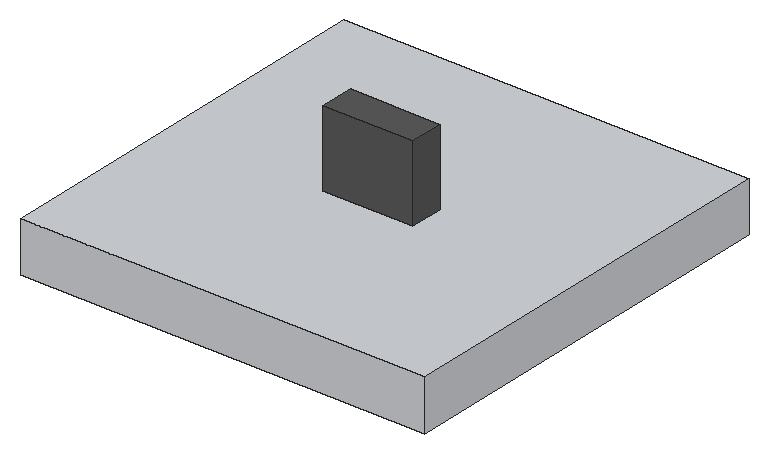
Revit family "r2018_videomax_videoserver_nastolnogo_ispolneniya", category Устройства связи, Revit 2018
Family settings
  Основа = Грань
  Сохранять ориентацию аннотаций = Да
  Размер круглого соединителя = Использовать диаметр
  Тип детали = Нормальный
  При загрузке вырезать с полостями = Нет
  Общий = Нет
  Точка расчета площади = Нет
Parameters (values of type "MIDI BIGTOWER")
  Указания по монтажу = "Для настольного размещения. Специальные монтажные аксессуары не требуются."
  Тип линейки = "Standart"
  Модель = ""
  Количество IP-камер, шт = 0
  Изображение типоразмера = Big Tower.png
  Right = videomax_midibigtower : Right
  Mini_300 [instance] = and(MINI TOWER, LOD 300)  # no
  Midi_300 [instance] = and(MIDI TOWER, LOD 300)  # no
  MidiBig_300 [instance] = and(MIDI BIGTOWER, LOD 300)  # yes
  Material = Черный
  MINI TOWER = no
  MIDI TOWER = no
  MIDI BIGTOWER = yes
  Стоимость = 0
  Default Elevation = 2600 mm
  Максимальное тепловыделение, BTU/h = Максимальная потребляемая мощность Вт * 3.412  # 0
  Максимальное количество подключаемых мониторов, шт = 0
  Максимальная потребляемая мощность Вт = 0
  Максимальная мощность БП, Вт = 0
  Количество интерфейсов Gigabit LAN, шт = 2
  Количество интерфейсов 10 Gigabit LAN, шт = 0
  Количество входов 230V, шт = 1
  Изготовитель = "ООО «Видеомакс»"  # constant formula
  Ширина = 205 mm
  Глубина = 540 mm
  Высота = 460 mm
  URL = "https://www.videomax-server.ru/"
  Left = videomax_midibigtower : Left
  LOD 500 [instance] = yes
  LOD 300 [instance] = yes
  Front = videomax_midibigtower : Front
  Back = videomax_midibigtower : Back
  ADSK_Этаж [instance] = ""
  ADSK_Ток = 0 A
  ADSK_Примечание [instance] = ""
  ADSK_Позиция [instance] = ""
  ADSK_Обозначение [instance] = "MIDI BIGTOWER"
  ADSK_Номинальная мощность = 0 VA
  ADSK_Напряжение = 230 V
  ADSK_Наименование [instance] = "Видеосервер настольного исполнения MIDI BIGTOWER"
  ADSK_Масса [instance] = 0
  ADSK_Марка [instance] = "VIDEOMAX-IP"  # constant formula
  ADSK_Коэффициент мощности = 0.96
  ADSK_Количество = 1  # constant formula
  ADSK_Код изделия [instance] = "ТУ 26.20.15-002-37165186-2020"  # constant formula
  ADSK_Классификация нагрузок = none
  ADSK_Завод-изготовитель [instance] = "ООО «Видеомакс»"  # constant formula
  ADSK_Единица измерения = "шт."  # constant formula
  ADSK_Версия семейства = "v2"  # constant formula
  ADSK_Версия Revit = "2018"  # constant formula
Reference planes
  plane 1 "По центру (Вперед/Назад)": y = 0
  plane 2: z = 0
  plane 3 "По центру (Влево/Вправо)": x = 0.038
  plane 4: z = 0
  plane 5: y = 102.5
  plane 6: x = -269.962
  plane 7: y = -102.5
  plane 8: x = 270.038
Forms (mm)
  Extrusion 1, solid
    sketch origin (-0.8, 20.8, 0) x (1, 0, 0) y (0, 1, 0)
      loop
        line (-1219.2, 1219.2) -> (-1219.2, -1219.2) -> (1219.2, -1219.2) -> (1219.2, 1219.2) -> (-1219.2, 1219.2)
    from 0 to -304.8
  Extrusion 2, solid, material "Черный" <- "Material", detail levels medium+fine
    sketch origin (-0.046, -3.103, 0) x (0, -1, 0) y (1, 0, 0)
      loop
        line (-105.603, -269.916) -> (99.397, -269.916) -> (99.397, 270.084) -> (-105.603, 270.084) -> (-105.603, -269.916)
    from 0 to 460
Lines and regions (mm)
  model lines, detail levels coarse
    curve 1: line (-269.962, 102.5, 0) -> (270.038, 102.5, 0)
    curve 2: line (270.038, 102.5, 0) -> (270.038, -102.5, 0)
    curve 3: line (270.038, -102.5, 0) -> (-269.962, -102.5, 0)
    curve 4: line (-269.962, -102.5, 0) -> (-269.962, 102.5, 0)
  model lines, visible <- "MIDI BIGTOWER", detail levels fine
    curve 5: line (-213.962, -150.532, 460) -> (-213.962, -355.532, 460)
    curve 6: line (-213.962, -150.532, 8.146) -> (-213.962, -150.532, 460)
    curve 7: line (-213.962, -355.532, 8.146) -> (-213.962, -150.532, 8.146)
    curve 8: line (-213.962, -355.532, 460) -> (-213.962, -355.532, 8.146)
    curve 9: line (-213.962, -160.874, 0) -> (-213.962, -185.744, 0)
    curve 10: line (-213.962, -160.874, 8.146) -> (-213.962, -160.874, 0)
    curve 11: line (-213.962, -185.744, 0) -> (-213.962, -185.744, 8.146)
    curve 12: line (-213.962, -321.246, 0) -> (-213.962, -346.117, 0)
    curve 13: line (-213.962, -321.246, 8.146) -> (-213.962, -321.246, 0)
    curve 14: line (-213.962, -346.117, 0) -> (-213.962, -346.117, 8.146)
    curve 15: line (-213.962, -178.532, 225.317) -> (-213.962, -327.532, 225.317)
    curve 16: line (-213.962, -178.532, 17.065) -> (-213.962, -178.532, 225.317)
    curve 17: line (-213.962, -327.532, 17.065) -> (-213.962, -178.532, 17.065)
    curve 18: line (-213.962, -327.532, 225.317) -> (-213.962, -327.532, 17.065)
    curve 19: line (-213.962, -284.895, 241.122) -> (-213.962, -178.532, 241.122)
    curve 20: line (-213.962, -284.895, 296.122) -> (-213.962, -284.895, 241.122)
    curve 21: line (-213.962, -178.532, 296.122) -> (-213.962, -284.895, 296.122)
    curve 22: line (-213.962, -178.532, 241.122) -> (-213.962, -178.532, 296.122)
    curve 23: line (-213.962, -327.532, 311.032) -> (-213.962, -178.532, 311.032)
    curve 24: line (-213.962, -327.532, 439.701) -> (-213.962, -327.532, 311.032)
    curve 25: line (-213.962, -178.532, 439.701) -> (-213.962, -327.532, 439.701)
    curve 26: line (-213.962, -178.532, 311.032) -> (-213.962, -178.532, 439.701)
    curve 27: line (-213.962, -178.532, 268.622) -> (-213.962, -284.895, 268.622)
    curve 28: line (-213.962, -178.532, 353.91) -> (-213.962, -327.532, 353.91)
    curve 29: line (-213.962, -178.532, 396.911) -> (-213.962, -327.532, 396.911)
    curve 30: line (204.038, -355.576, 460) -> (204.038, -150.576, 460)
    curve 31: line (204.038, -355.576, 8.146) -> (204.038, -355.576, 460)
    curve 32: line (204.038, -150.576, 8.146) -> (204.038, -355.576, 8.146)
    curve 33: line (204.038, -150.576, 460) -> (204.038, -150.576, 8.146)
    curve 34: line (204.038, -161.042, 0) -> (204.038, -185.913, 0)
    curve 35: line (204.038, -161.042, 8.146) -> (204.038, -161.042, 0)
    curve 36: line (204.038, -185.913, 0) -> (204.038, -185.913, 8.146)
    curve 37: line (204.038, -321.415, 0) -> (204.038, -346.286, 0)
    curve 38: line (204.038, -321.415, 8.146) -> (204.038, -321.415, 0)
    curve 39: line (204.038, -346.286, 0) -> (204.038, -346.286, 8.146)
    curve 40: line (204.038, -150.576, 451.854) -> (204.038, -355.576, 451.854)
    curve 41: line (204.038, -347.43, 8.146) -> (204.038, -347.43, 451.854)
    curve 42: line (204.038, -303.43, 315.384) -> (204.038, -347.43, 315.384)
    curve 43: line (204.038, -303.43, 315.384) -> (204.038, -303.43, 161.384)
    curve 44: line (204.038, -242.184, 161.384) -> (204.038, -347.43, 161.384)
    curve 45: line (204.038, -242.184, 161.384) -> (204.038, -242.184, 11.384)
    curve 46: line (204.038, -242.184, 11.384) -> (204.038, -347.43, 11.384)
    curve 47: line (204.038, -342.92, 146.061) -> (204.038, -242.184, 146.061)
    curve 48: line (204.038, -342.92, 158.763) -> (204.038, -342.92, 146.061)
    curve 49: line (204.038, -242.184, 158.763) -> (204.038, -342.92, 158.763)
    curve 50: line (204.038, -342.92, 126.54) -> (204.038, -242.184, 126.54)
    curve 51: line (204.038, -342.92, 140.734) -> (204.038, -342.92, 126.54)
    curve 52: line (204.038, -242.184, 140.734) -> (204.038, -342.92, 140.734)
    curve 53: line (204.038, -242.184, 126.54) -> (204.038, -242.184, 140.734)
    curve 54: line (204.038, -342.92, 107.777) -> (204.038, -242.184, 107.777)
    curve 55: line (204.038, -342.92, 121.971) -> (204.038, -342.92, 107.777)
    curve 56: line (204.038, -242.184, 121.971) -> (204.038, -342.92, 121.971)
    curve 57: line (204.038, -242.184, 107.777) -> (204.038, -242.184, 121.971)
    curve 58: line (204.038, -342.92, 89.027) -> (204.038, -242.184, 89.027)
    curve 59: line (204.038, -342.92, 103.221) -> (204.038, -342.92, 89.027)
    curve 60: line (204.038, -242.184, 103.221) -> (204.038, -342.92, 103.221)
    curve 61: line (204.038, -242.184, 89.027) -> (204.038, -242.184, 103.221)
    curve 62: line (204.038, -342.92, 70.277) -> (204.038, -242.184, 70.277)
    curve 63: line (204.038, -342.92, 84.471) -> (204.038, -342.92, 70.277)
    curve 64: line (204.038, -242.184, 84.471) -> (204.038, -342.92, 84.471)
    curve 65: line (204.038, -242.184, 70.277) -> (204.038, -242.184, 84.471)
    curve 66: line (204.038, -342.92, 51.527) -> (204.038, -242.184, 51.527)
    curve 67: line (204.038, -342.92, 65.721) -> (204.038, -342.92, 51.527)
    curve 68: line (204.038, -242.184, 65.721) -> (204.038, -342.92, 65.721)
    curve 69: line (204.038, -242.184, 51.527) -> (204.038, -242.184, 65.721)
    curve 70: line (204.038, -342.92, 32.777) -> (204.038, -242.184, 32.777)
    curve 71: line (204.038, -342.92, 46.971) -> (204.038, -342.92, 32.777)
    curve 72: line (204.038, -242.184, 46.971) -> (204.038, -342.92, 46.971)
    curve 73: line (204.038, -242.184, 32.777) -> (204.038, -242.184, 46.971)
    curve 74: line (204.038, -342.92, 14.027) -> (204.038, -242.184, 14.027)
    curve 75: line (204.038, -342.92, 28.221) -> (204.038, -342.92, 14.027)
    curve 76: line (204.038, -242.184, 28.221) -> (204.038, -342.92, 28.221)
    curve 77: line (204.038, -242.184, 14.027) -> (204.038, -242.184, 28.221)
    curve 78: line (204.038, -158.722, 451.854) -> (204.038, -158.722, 8.146)
    curve 79: line (204.038, -328.204, 322.429) -> (204.038, -221.948, 322.429)
    curve 80: line (204.038, -221.948, 322.429) -> (204.038, -203.722, 342.108)
    curve 81: line (204.038, -203.722, 342.108) -> (204.038, -203.722, 388.751)
    curve 82: line (204.038, -203.722, 388.751) -> (204.038, -215.858, 401.854)
    curve 83: line (204.038, -215.858, 401.854) -> (204.038, -334.294, 401.854)
    curve 84: line (204.038, -334.294, 401.854) -> (204.038, -347.43, 387.672)
    curve 85: line (204.038, -328.204, 322.429) -> (204.038, -347.43, 343.187)
    curve 86: line (204.038, -347.43, 387.672) -> (204.038, -347.43, 343.187)
    curve 87: line (204.038, -326.225, 382.889) -> (204.038, -307.492, 382.889)
    curve 88: arc (204.038, -307.492, 382.889) -> (204.038, -305.696, 382.145) -> (204.038, -304.952, 380.349) r 2.54
    curve 89: line (204.038, -304.952, 380.349) -> (204.038, -304.952, 350.398)
    curve 90: arc (204.038, -304.952, 350.398) -> (204.038, -305.696, 348.602) -> (204.038, -307.492, 347.858) r 2.54
    curve 91: line (204.038, -307.492, 347.858) -> (204.038, -326.225, 347.858)
    curve 92: arc (204.038, -326.225, 347.858) -> (204.038, -328.021, 348.602) -> (204.038, -328.765, 350.398) r 2.54
    curve 93: line (204.038, -328.765, 350.398) -> (204.038, -328.765, 380.349)
    curve 94: arc (204.038, -328.765, 380.349) -> (204.038, -328.021, 382.145) -> (204.038, -326.225, 382.889) r 2.54
Dimensions and locks
  equal spacing: plane 8, plane 3 "По центру (Влево/Вправо)", plane 6
  "Глубина": plane 8 to plane 6
  equal spacing: plane 5, plane 1 "По центру (Вперед/Назад)", plane 7
  "Ширина": plane 5 to plane 7
  "Высота": Extrusion 2 to Extrusion 2
  aligned and locked: plane 2 to Extrusion 1
  aligned and locked: level to Extrusion 1
  aligned and locked: plane 5 to Extrusion 2  (x2)
  aligned and locked: plane 7 to Extrusion 2  (x2)
  aligned and locked: plane 8 to Extrusion 2  (x2)
  aligned and locked: plane 6 to Extrusion 2  (x2)
  aligned and locked: plane 1 "По центру (Вперед/Назад)" to nested 1
  aligned and locked: nested 2 to plane 1 "По центру (Вперед/Назад)"
  aligned and locked: nested 4 to plane 3 "По центру (Влево/Вправо)"
  aligned and locked: plane 3 "По центру (Влево/Вправо)" to nested 3
Automatic sketch dimensions
  Extrusion 1 sketch curve to Extrusion 1 sketch curve = 2438.4 mm  (x2)
  plane 5 to Extrusion 2 sketch curve = 0 mm
  Extrusion 2 sketch curve to plane 7 = 0 mm
  Extrusion 2 sketch curve to plane 6 = 0 mm
  Extrusion 2 sketch curve to plane 8 = 0 mm
  curve 3 to curve 3 = 540 mm
  curve 2 to curve 2 = 205 mm
  plane 5 to curve 4 = 0 mm
  curve 4 to plane 6 = 0 mm
  curve 2 to plane 7 = 0 mm
  curve 1 to plane 8 = 0 mm
Nested families
  nested 1: "videomax_midibigtower" at (-269.962, 0, 0) x (0, -1, 0) z (-1, 0, 0), LOD500 <- "LOD 500", a setting <- "Front", type "Front"
    with Left_500 no, LOD500 yes, Front_500 yes, Back_500 no
  nested 2: "videomax_midibigtower" at (270.038, 0, 0) x (0, 1, 0) z (1, 0, 0), LOD500 <- "LOD 500", a setting <- "Back", type "Back"
    with Left_500 no, LOD500 yes, Front_500 no, Back_500 yes
  nested 3: "videomax_midibigtower" at (0.038, 102.5, 0) x (-1, 0, 0) z (0, 1, 0), LOD500 <- "LOD 500", a setting <- "Left", type "Left"
    with Left_500 yes, LOD500 yes, Front_500 no, Back_500 no
  nested 4: "videomax_midibigtower" at (0.038, -102.5, 0) x (1, 0, 0) z (0, -1, 0), LOD500 <- "LOD 500", a setting <- "Right", type "Right"
    with Left_500 no, LOD500 yes, Front_500 no, Back_500 no
Connectors
  electrical at (-0.496, -2.303, 0), driven by "ADSK_Напряжение", driven by "ADSK_Коэффициент мощности", driven by "ADSK_Номинальная мощность"
    settings: on Extrusion 1, index 1, voltage 230 V, apparent load 0 VA, apparent load phase1 0 VA, apparent load phase2 0 VA, apparent load phase3 0 VA, power factor 0.96, load classification "Прочее", number of poles 1, system type 30, power factor state 0, is connector primary yes, connector utility yes, sub classification motor no, connector description ""
Definition of nested family "videomax_midibigtower"
  Parameters (values of type "Right")
    Default Elevation = 1219.2 mm
    Right = yes
    Left_500 [instance] = and(Left, LOD500)  # no
    Left = no
    LOD500 [instance] = yes
    Front_500 [instance] = and(Front, LOD500)  # no
    Front = no
    Back_500 [instance] = and(Back, LOD500)  # no
    Back = no
  Types (4, lengths in mm): name | Right | Left_500 | Left | Front_500 | Front | Back_500 | Back
    Front | no | no | no | yes | yes | no | no
    Back | no | no | no | no | no | yes | yes
    Left | no | yes | yes | no | no | no | no
    Right | yes | no | no | no | no | no | no
  Reference planes
    plane 1 "По центру (Вперед/Назад)": y = 0
    plane 2: z = 0
    plane 3 "По центру (Влево/Вправо)": x = 0
    plane 4: y = 460
    plane 5: x = -102.5
    plane 6: x = 102.5
    plane 7: x = -270
    plane 8: x = 270
  Lines and regions (mm)
    model lines, visible <- "Left_500", detail levels fine
      curve 1: circle (-210.875, 300.219, 0) r 4.572 normal (0, 0, 1)
      curve 2: circle (-103.14, 300.219, 0) r 4.572 normal (0, 0, 1)
      curve 3: circle (-103.14, 192.504, 0) r 4.572 normal (0, 0, 1)
      curve 4: circle (-210.875, 192.714, 0) r 4.572 normal (0, 0, 1)
      curve 5: arc (-196.515, 282.995, 0) -> (-210.881, 246.374, 0) -> (-196.515, 209.754, 0) r 53.857
      curve 6: arc (-190.544, 215.725, 0) -> (-202.442, 246.374, 0) -> (-190.544, 277.024, 0) r 45.427
      curve 7: arc (-178.835, 265.315, 0) -> (-184.083, 256.484, 0) -> (-185.909, 246.374, 0) r 28.894
      curve 8: arc (-185.909, 246.374, 0) -> (-184.083, 236.265, 0) -> (-178.835, 227.434, 0) r 28.894
      curve 9: arc (-174.248, 232.022, 0) -> (-178.103, 238.742, 0) -> (-179.442, 246.374, 0) r 22.427
      curve 10: arc (-179.442, 246.374, 0) -> (-178.103, 254.006, 0) -> (-174.247, 260.727, 0) r 22.427
      curve 11: arc (-187.458, 273.938, 0) -> (-195.334, 261.144, 0) -> (-198.082, 246.374, 0) r 41.067
      curve 12: arc (-198.082, 246.374, 0) -> (-195.334, 231.604, 0) -> (-187.458, 218.811, 0) r 41.067
      curve 13: arc (-181.482, 224.787, 0) -> (-187.535, 234.835, 0) -> (-189.644, 246.374, 0) r 32.629
      curve 14: arc (-189.644, 246.374, 0) -> (-187.535, 257.914, 0) -> (-181.482, 267.962, 0) r 32.629
      curve 15: arc (-117.515, 282.995, 0) -> (-103.149, 246.374, 0) -> (-117.515, 209.754, 0) r 53.857
      curve 16: arc (-123.486, 215.725, 0) -> (-111.588, 246.374, 0) -> (-123.486, 277.024, 0) r 45.427
      curve 17: arc (-135.194, 265.315, 0) -> (-129.947, 256.484, 0) -> (-128.121, 246.374, 0) r 28.894
      curve 18: arc (-128.121, 246.374, 0) -> (-129.947, 236.265, 0) -> (-135.194, 227.434, 0) r 28.894
      curve 19: arc (-139.782, 232.022, 0) -> (-135.926, 238.742, 0) -> (-134.588, 246.374, 0) r 22.427
      curve 20: arc (-134.588, 246.374, 0) -> (-135.926, 254.006, 0) -> (-139.782, 260.727, 0) r 22.427
      curve 21: arc (-126.572, 273.938, 0) -> (-118.696, 261.144, 0) -> (-115.948, 246.374, 0) r 41.067
      curve 22: arc (-115.948, 246.374, 0) -> (-118.695, 231.604, 0) -> (-126.572, 218.811, 0) r 41.067
      curve 23: arc (-132.548, 224.787, 0) -> (-126.495, 234.835, 0) -> (-124.386, 246.374, 0) r 32.629
      curve 24: arc (-124.386, 246.374, 0) -> (-126.495, 257.914, 0) -> (-132.548, 267.962, 0) r 32.629
      curve 25: arc (-120.395, 206.874, 0) -> (-157.015, 192.508, 0) -> (-193.635, 206.874, 0) r 53.857
      curve 26: arc (-187.664, 212.845, 0) -> (-157.015, 200.947, 0) -> (-126.365, 212.845, 0) r 45.427
      curve 27: arc (-138.074, 224.554, 0) -> (-146.906, 219.306, 0) -> (-157.015, 217.48, 0) r 28.894
      curve 28: arc (-157.015, 217.48, 0) -> (-167.124, 219.306, 0) -> (-175.955, 224.554, 0) r 28.894
      curve 29: arc (-171.367, 229.142, 0) -> (-164.647, 225.286, 0) -> (-157.015, 223.947, 0) r 22.427
      curve 30: arc (-157.015, 223.947, 0) -> (-149.383, 225.286, 0) -> (-142.662, 229.142, 0) r 22.427
      curve 31: arc (-129.451, 215.931, 0) -> (-142.245, 208.055, 0) -> (-157.015, 205.307, 0) r 41.067
      curve 32: arc (-157.015, 205.307, 0) -> (-171.785, 208.055, 0) -> (-184.578, 215.931, 0) r 41.067
      curve 33: arc (-178.602, 221.907, 0) -> (-168.554, 215.854, 0) -> (-157.015, 213.745, 0) r 32.629
      curve 34: arc (-157.015, 213.745, 0) -> (-145.475, 215.854, 0) -> (-135.428, 221.907, 0) r 32.629
      curve 35: arc (-120.395, 285.874, 0) -> (-157.015, 300.24, 0) -> (-193.635, 285.874, 0) r 53.857
      curve 36: arc (-187.664, 279.904, 0) -> (-157.015, 291.801, 0) -> (-126.365, 279.903, 0) r 45.427
      curve 37: arc (-138.074, 268.195, 0) -> (-146.906, 273.442, 0) -> (-157.015, 275.269, 0) r 28.894
      curve 38: arc (-157.015, 275.269, 0) -> (-167.124, 273.442, 0) -> (-175.955, 268.195, 0) r 28.894
      curve 39: arc (-171.367, 263.607, 0) -> (-164.647, 267.463, 0) -> (-157.015, 268.801, 0) r 22.427
      curve 40: arc (-157.015, 268.801, 0) -> (-149.383, 267.463, 0) -> (-142.662, 263.607, 0) r 22.427
      curve 41: arc (-129.451, 276.817, 0) -> (-142.245, 284.694, 0) -> (-157.015, 287.442, 0) r 41.067
      curve 42: arc (-157.015, 287.442, 0) -> (-171.785, 284.694, 0) -> (-184.578, 276.817, 0) r 41.067
      curve 43: arc (-178.602, 270.841, 0) -> (-168.554, 276.895, 0) -> (-157.015, 279.003, 0) r 32.629
      curve 44: arc (-157.015, 279.003, 0) -> (-145.475, 276.894, 0) -> (-135.428, 270.841, 0) r 32.629
      curve 355: circle (-210.875, 157.833, 0) r 4.572 normal (0, 0, 1)
      curve 356: circle (-103.14, 157.833, 0) r 4.572 normal (0, 0, 1)
      curve 357: circle (-103.14, 50.118, 0) r 4.572 normal (0, 0, 1)
      curve 358: circle (-210.875, 50.328, 0) r 4.572 normal (0, 0, 1)
      curve 359: arc (-196.515, 140.608, 0) -> (-210.881, 103.988, 0) -> (-196.515, 67.368, 0) r 53.857
      curve 360: arc (-190.544, 73.339, 0) -> (-202.442, 103.988, 0) -> (-190.544, 134.638, 0) r 45.427
      curve 361: arc (-178.835, 122.929, 0) -> (-184.083, 114.097, 0) -> (-185.909, 103.988, 0) r 28.894
      curve 362: arc (-185.909, 103.988, 0) -> (-184.083, 93.879, 0) -> (-178.835, 85.048, 0) r 28.894
      curve 363: arc (-174.248, 89.635, 0) -> (-178.103, 96.356, 0) -> (-179.442, 103.988, 0) r 22.427
      curve 364: arc (-179.442, 103.988, 0) -> (-178.103, 111.62, 0) -> (-174.247, 118.341, 0) r 22.427
      curve 365: arc (-187.458, 131.552, 0) -> (-195.334, 118.758, 0) -> (-198.082, 103.988, 0) r 41.067
      curve 366: arc (-198.082, 103.988, 0) -> (-195.334, 89.218, 0) -> (-187.458, 76.425, 0) r 41.067
      curve 367: arc (-181.482, 82.401, 0) -> (-187.535, 92.449, 0) -> (-189.644, 103.988, 0) r 32.629
      curve 368: arc (-189.644, 103.988, 0) -> (-187.535, 115.527, 0) -> (-181.482, 125.575, 0) r 32.629
      curve 369: arc (-117.515, 140.608, 0) -> (-103.149, 103.988, 0) -> (-117.515, 67.368, 0) r 53.857
      curve 370: arc (-123.486, 73.339, 0) -> (-111.588, 103.988, 0) -> (-123.486, 134.638, 0) r 45.427
      curve 371: arc (-135.194, 122.929, 0) -> (-129.947, 114.097, 0) -> (-128.121, 103.988, 0) r 28.894
      curve 372: arc (-128.121, 103.988, 0) -> (-129.947, 93.879, 0) -> (-135.194, 85.048, 0) r 28.894
      curve 373: arc (-139.782, 89.635, 0) -> (-135.926, 96.356, 0) -> (-134.588, 103.988, 0) r 22.427
      curve 374: arc (-134.588, 103.988, 0) -> (-135.926, 111.62, 0) -> (-139.782, 118.341, 0) r 22.427
      curve 375: arc (-126.572, 131.552, 0) -> (-118.696, 118.758, 0) -> (-115.948, 103.988, 0) r 41.067
      curve 376: arc (-115.948, 103.988, 0) -> (-118.695, 89.218, 0) -> (-126.572, 76.425, 0) r 41.067
      curve 377: arc (-132.548, 82.401, 0) -> (-126.495, 92.449, 0) -> (-124.386, 103.988, 0) r 32.629
      curve 378: arc (-124.386, 103.988, 0) -> (-126.495, 115.527, 0) -> (-132.548, 125.575, 0) r 32.629
      curve 379: arc (-120.395, 64.488, 0) -> (-157.015, 50.122, 0) -> (-193.635, 64.488, 0) r 53.857
      curve 380: arc (-187.664, 70.459, 0) -> (-157.015, 58.561, 0) -> (-126.365, 70.459, 0) r 45.427
      curve 381: arc (-138.074, 82.168, 0) -> (-146.906, 76.92, 0) -> (-157.015, 75.094, 0) r 28.894
      curve 382: arc (-157.015, 75.094, 0) -> (-167.124, 76.92, 0) -> (-175.955, 82.168, 0) r 28.894
      curve 383: arc (-171.367, 86.755, 0) -> (-164.647, 82.9, 0) -> (-157.015, 81.561, 0) r 22.427
      curve 384: arc (-157.015, 81.561, 0) -> (-149.383, 82.9, 0) -> (-142.662, 86.756, 0) r 22.427
      curve 385: arc (-129.451, 73.545, 0) -> (-142.245, 65.669, 0) -> (-157.015, 62.921, 0) r 41.067
      curve 386: arc (-157.015, 62.921, 0) -> (-171.785, 65.669, 0) -> (-184.578, 73.545, 0) r 41.067
      curve 387: arc (-178.602, 79.521, 0) -> (-168.554, 73.468, 0) -> (-157.015, 71.359, 0) r 32.629
      curve 388: arc (-157.015, 71.359, 0) -> (-145.475, 73.468, 0) -> (-135.428, 79.521, 0) r 32.629
      curve 389: arc (-120.395, 143.488, 0) -> (-157.015, 157.854, 0) -> (-193.635, 143.488, 0) r 53.857
      curve 390: arc (-187.664, 137.517, 0) -> (-157.015, 149.415, 0) -> (-126.365, 137.517, 0) r 45.427
      curve 391: arc (-138.074, 125.808, 0) -> (-146.906, 131.056, 0) -> (-157.015, 132.882, 0) r 28.894
      curve 392: arc (-157.015, 132.882, 0) -> (-167.124, 131.056, 0) -> (-175.955, 125.809, 0) r 28.894
      curve 393: arc (-171.367, 121.221, 0) -> (-164.647, 125.076, 0) -> (-157.015, 126.415, 0) r 22.427
      curve 394: arc (-157.015, 126.415, 0) -> (-149.383, 125.076, 0) -> (-142.662, 121.221, 0) r 22.427
      curve 395: arc (-129.451, 134.431, 0) -> (-142.245, 142.307, 0) -> (-157.015, 145.055, 0) r 41.067
      curve 396: arc (-157.015, 145.055, 0) -> (-171.785, 142.307, 0) -> (-184.578, 134.431, 0) r 41.067
      curve 397: arc (-178.602, 128.455, 0) -> (-168.554, 134.508, 0) -> (-157.015, 136.617, 0) r 32.629
      curve 398: arc (-157.015, 136.617, 0) -> (-145.475, 134.508, 0) -> (-135.428, 128.455, 0) r 32.629
      curve 462: line (-216.812, 186.373, 0) -> (-96.812, 186.373, 0)
      curve 463: line (-96.812, 186.373, 0) -> (-96.812, 306.373, 0)
      curve 464: line (-96.812, 306.373, 0) -> (-216.812, 306.373, 0)
      curve 465: line (-216.812, 306.373, 0) -> (-216.812, 186.373, 0)
      curve 466: line (-190.544, 277.024, 0) -> (-196.515, 282.995, 0)
      curve 467: line (-196.515, 209.754, 0) -> (-190.544, 215.725, 0)
      curve 468: line (-174.247, 260.727, 0) -> (-178.835, 265.315, 0)
      curve 469: line (-178.835, 227.434, 0) -> (-174.248, 232.022, 0)
      curve 470: line (-181.482, 267.962, 0) -> (-187.458, 273.938, 0)
      curve 471: line (-187.458, 218.811, 0) -> (-181.482, 224.787, 0)
      curve 472: line (-123.486, 277.024, 0) -> (-117.515, 282.995, 0)
      curve 473: line (-117.515, 209.754, 0) -> (-123.486, 215.725, 0)
      curve 474: line (-139.782, 260.727, 0) -> (-135.194, 265.315, 0)
      curve 475: line (-135.194, 227.434, 0) -> (-139.782, 232.022, 0)
      curve 476: line (-132.548, 267.962, 0) -> (-126.572, 273.938, 0)
      curve 477: line (-126.572, 218.811, 0) -> (-132.548, 224.787, 0)
      curve 478: line (-126.365, 212.845, 0) -> (-120.395, 206.874, 0)
      curve 479: line (-193.635, 206.874, 0) -> (-187.664, 212.845, 0)
      curve 480: line (-142.662, 229.142, 0) -> (-138.074, 224.554, 0)
      curve 481: line (-175.955, 224.554, 0) -> (-171.367, 229.142, 0)
      curve 482: line (-135.428, 221.907, 0) -> (-129.451, 215.931, 0)
      curve 483: line (-184.578, 215.931, 0) -> (-178.602, 221.907, 0)
      curve 484: line (-126.365, 279.903, 0) -> (-120.395, 285.874, 0)
      curve 485: line (-193.635, 285.874, 0) -> (-187.664, 279.904, 0)
      curve 486: line (-142.662, 263.607, 0) -> (-138.074, 268.195, 0)
      curve 487: line (-175.955, 268.195, 0) -> (-171.367, 263.607, 0)
      curve 488: line (-135.428, 270.841, 0) -> (-129.451, 276.817, 0)
      curve 489: line (-184.578, 276.817, 0) -> (-178.602, 270.841, 0)
      curve 767: line (-216.812, 43.986, 0) -> (-96.812, 43.986, 0)
      curve 768: line (-96.812, 43.986, 0) -> (-96.812, 163.987, 0)
      curve 769: line (-96.812, 163.987, 0) -> (-216.812, 163.987, 0)
      curve 770: line (-216.812, 163.987, 0) -> (-216.812, 43.986, 0)
      curve 771: line (-190.544, 134.638, 0) -> (-196.515, 140.608, 0)
      curve 772: line (-196.515, 67.368, 0) -> (-190.544, 73.339, 0)
      curve 773: line (-174.247, 118.341, 0) -> (-178.835, 122.929, 0)
      curve 774: line (-178.835, 85.048, 0) -> (-174.248, 89.635, 0)
      curve 775: line (-181.482, 125.575, 0) -> (-187.458, 131.552, 0)
      curve 776: line (-187.458, 76.425, 0) -> (-181.482, 82.401, 0)
      curve 777: line (-123.486, 134.638, 0) -> (-117.515, 140.608, 0)
      curve 778: line (-117.515, 67.368, 0) -> (-123.486, 73.339, 0)
      curve 779: line (-139.782, 118.341, 0) -> (-135.194, 122.929, 0)
      curve 780: line (-135.194, 85.048, 0) -> (-139.782, 89.635, 0)
      curve 781: line (-132.548, 125.575, 0) -> (-126.572, 131.552, 0)
      curve 782: line (-126.572, 76.425, 0) -> (-132.548, 82.401, 0)
      curve 783: line (-126.365, 70.459, 0) -> (-120.395, 64.488, 0)
      curve 784: line (-193.635, 64.488, 0) -> (-187.664, 70.459, 0)
      curve 785: line (-142.662, 86.756, 0) -> (-138.074, 82.168, 0)
      curve 786: line (-175.955, 82.168, 0) -> (-171.367, 86.755, 0)
      curve 787: line (-135.428, 79.521, 0) -> (-129.451, 73.545, 0)
      curve 788: line (-184.578, 73.545, 0) -> (-178.602, 79.521, 0)
      curve 789: line (-126.365, 137.517, 0) -> (-120.395, 143.488, 0)
      curve 790: line (-193.635, 143.488, 0) -> (-187.664, 137.517, 0)
      curve 791: line (-142.662, 121.221, 0) -> (-138.074, 125.808, 0)
      curve 792: line (-175.955, 125.809, 0) -> (-171.367, 121.221, 0)
      curve 793: line (-135.428, 128.455, 0) -> (-129.451, 134.431, 0)
      curve 794: line (-184.578, 134.431, 0) -> (-178.602, 128.455, 0)
      curve 1073: circle (410.946, 292.073, 0) r 4.572 normal (0, 0, 1)
      curve 1074: circle (518.681, 292.073, 0) r 4.572 normal (0, 0, 1)
      curve 1075: circle (518.681, 184.358, 0) r 4.572 normal (0, 0, 1)
      curve 1076: circle (410.946, 184.568, 0) r 4.572 normal (0, 0, 1)
      curve 1077: arc (425.307, 274.848, 0) -> (410.941, 238.228, 0) -> (425.307, 201.608, 0) r 53.857
      curve 1078: arc (431.277, 207.579, 0) -> (419.38, 238.228, 0) -> (431.277, 268.878, 0) r 45.427
      curve 1079: arc (442.986, 257.169, 0) -> (437.738, 248.337, 0) -> (435.912, 238.228, 0) r 28.894
      curve 1080: arc (435.912, 238.228, 0) -> (437.738, 228.119, 0) -> (442.986, 219.288, 0) r 28.894
      curve 1081: arc (447.574, 223.875, 0) -> (443.718, 230.596, 0) -> (442.38, 238.228, 0) r 22.427
      curve 1082: arc (442.38, 238.228, 0) -> (443.718, 245.86, 0) -> (447.574, 252.581, 0) r 22.427
      curve 1083: arc (434.363, 265.792, 0) -> (426.487, 252.998, 0) -> (423.739, 238.228, 0) r 41.067
      curve 1084: arc (423.739, 238.228, 0) -> (426.487, 223.458, 0) -> (434.363, 210.665, 0) r 41.067
      curve 1085: arc (440.34, 216.641, 0) -> (434.286, 226.689, 0) -> (432.178, 238.228, 0) r 32.629
      curve 1086: arc (432.178, 238.228, 0) -> (434.286, 249.768, 0) -> (440.34, 259.815, 0) r 32.629
      curve 1087: arc (504.306, 274.848, 0) -> (518.672, 238.228, 0) -> (504.307, 201.608, 0) r 53.857
      curve 1088: arc (498.336, 207.579, 0) -> (510.233, 238.228, 0) -> (498.336, 268.878, 0) r 45.427
      curve 1089: arc (486.627, 257.169, 0) -> (491.875, 248.337, 0) -> (493.701, 238.228, 0) r 28.894
      curve 1090: arc (493.701, 238.228, 0) -> (491.875, 228.119, 0) -> (486.627, 219.288, 0) r 28.894
      curve 1091: arc (482.039, 223.875, 0) -> (485.895, 230.596, 0) -> (487.233, 238.228, 0) r 22.427
      curve 1092: arc (487.233, 238.228, 0) -> (485.895, 245.86, 0) -> (482.039, 252.581, 0) r 22.427
      curve 1093: arc (495.25, 265.792, 0) -> (503.126, 252.998, 0) -> (505.874, 238.228, 0) r 41.067
      curve 1094: arc (505.874, 238.228, 0) -> (503.126, 223.458, 0) -> (495.25, 210.665, 0) r 41.067
      curve 1095: arc (489.274, 216.641, 0) -> (495.327, 226.689, 0) -> (497.435, 238.228, 0) r 32.629
      curve 1096: arc (497.435, 238.228, 0) -> (495.327, 249.768, 0) -> (489.273, 259.815, 0) r 32.629
      curve 1097: arc (501.427, 198.728, 0) -> (464.807, 184.362, 0) -> (428.186, 198.728, 0) r 53.857
      curve 1098: arc (434.157, 204.699, 0) -> (464.807, 192.801, 0) -> (495.456, 204.699, 0) r 45.427
      curve 1099: arc (483.747, 216.408, 0) -> (474.916, 211.16, 0) -> (464.807, 209.334, 0) r 28.894
      curve 1100: arc (464.807, 209.334, 0) -> (454.697, 211.16, 0) -> (445.866, 216.408, 0) r 28.894
      curve 1101: arc (450.454, 220.995, 0) -> (457.175, 217.14, 0) -> (464.807, 215.801, 0) r 22.427
      curve 1102: arc (464.807, 215.801, 0) -> (472.439, 217.14, 0) -> (479.159, 220.996, 0) r 22.427
      curve 1103: arc (492.37, 207.785, 0) -> (479.577, 199.909, 0) -> (464.807, 197.161, 0) r 41.067
      curve 1104: arc (464.807, 197.161, 0) -> (450.037, 199.909, 0) -> (437.243, 207.785, 0) r 41.067
      curve 1105: arc (443.219, 213.761, 0) -> (453.267, 207.708, 0) -> (464.807, 205.599, 0) r 32.629
      curve 1106: arc (464.807, 205.599, 0) -> (476.346, 207.708, 0) -> (486.394, 213.761, 0) r 32.629
      curve 1107: arc (501.427, 277.728, 0) -> (464.807, 292.094, 0) -> (428.186, 277.728, 0) r 53.857
      curve 1108: arc (434.157, 271.757, 0) -> (464.807, 283.655, 0) -> (495.456, 271.757, 0) r 45.427
      curve 1109: arc (483.747, 260.048, 0) -> (474.916, 265.296, 0) -> (464.807, 267.122, 0) r 28.894
      curve 1110: arc (464.807, 267.122, 0) -> (454.697, 265.296, 0) -> (445.866, 260.049, 0) r 28.894
      curve 1111: arc (450.454, 255.461, 0) -> (457.175, 259.317, 0) -> (464.807, 260.655, 0) r 22.427
      curve 1112: arc (464.807, 260.655, 0) -> (472.439, 259.317, 0) -> (479.159, 255.461, 0) r 22.427
      curve 1113: arc (492.37, 268.671, 0) -> (479.577, 276.547, 0) -> (464.807, 279.295, 0) r 41.067
      curve 1114: arc (464.807, 279.295, 0) -> (450.037, 276.547, 0) -> (437.243, 268.671, 0) r 41.067
      curve 1115: arc (443.219, 262.695, 0) -> (453.267, 268.748, 0) -> (464.807, 270.857, 0) r 32.629
      curve 1116: arc (464.807, 270.857, 0) -> (476.346, 268.748, 0) -> (486.394, 262.695, 0) r 32.629
      curve 1117: circle (410.946, 149.687, 0) r 4.572 normal (0, 0, 1)
      curve 1118: circle (518.681, 149.687, 0) r 4.572 normal (0, 0, 1)
      curve 1119: circle (518.681, 41.972, 0) r 4.572 normal (0, 0, 1)
      curve 1120: circle (410.946, 42.182, 0) r 4.572 normal (0, 0, 1)
      curve 1121: arc (425.307, 132.462, 0) -> (410.941, 95.842, 0) -> (425.307, 59.222, 0) r 53.857
      curve 1122: arc (431.277, 65.192, 0) -> (419.38, 95.842, 0) -> (431.277, 126.491, 0) r 45.427
      curve 1123: arc (442.986, 114.783, 0) -> (437.738, 105.951, 0) -> (435.912, 95.842, 0) r 28.894
      curve 1124: arc (435.912, 95.842, 0) -> (437.738, 85.733, 0) -> (442.986, 76.901, 0) r 28.894
      curve 1125: arc (447.574, 81.489, 0) -> (443.718, 88.21, 0) -> (442.38, 95.842, 0) r 22.427
      curve 1126: arc (442.38, 95.842, 0) -> (443.718, 103.474, 0) -> (447.574, 110.195, 0) r 22.427
      curve 1127: arc (434.363, 123.405, 0) -> (426.487, 110.612, 0) -> (423.739, 95.842, 0) r 41.067
      curve 1128: arc (423.739, 95.842, 0) -> (426.487, 81.072, 0) -> (434.363, 68.279, 0) r 41.067
      curve 1129: arc (440.34, 74.255, 0) -> (434.286, 84.303, 0) -> (432.178, 95.842, 0) r 32.629
      curve 1130: arc (432.178, 95.842, 0) -> (434.286, 107.381, 0) -> (440.34, 117.429, 0) r 32.629
      curve 1131: arc (504.306, 132.462, 0) -> (518.672, 95.842, 0) -> (504.307, 59.222, 0) r 53.857
      curve 1132: arc (498.336, 65.192, 0) -> (510.233, 95.842, 0) -> (498.336, 126.491, 0) r 45.427
      curve 1133: arc (486.627, 114.783, 0) -> (491.875, 105.951, 0) -> (493.701, 95.842, 0) r 28.894
      curve 1134: arc (493.701, 95.842, 0) -> (491.875, 85.733, 0) -> (486.627, 76.901, 0) r 28.894
      curve 1135: arc (482.039, 81.489, 0) -> (485.895, 88.21, 0) -> (487.233, 95.842, 0) r 22.427
      curve 1136: arc (487.233, 95.842, 0) -> (485.895, 103.474, 0) -> (482.039, 110.195, 0) r 22.427
      curve 1137: arc (495.25, 123.405, 0) -> (503.126, 110.612, 0) -> (505.874, 95.842, 0) r 41.067
      curve 1138: arc (505.874, 95.842, 0) -> (503.126, 81.072, 0) -> (495.25, 68.279, 0) r 41.067
      curve 1139: arc (489.274, 74.255, 0) -> (495.327, 84.303, 0) -> (497.435, 95.842, 0) r 32.629
      curve 1140: arc (497.435, 95.842, 0) -> (495.327, 107.381, 0) -> (489.273, 117.429, 0) r 32.629
      curve 1141: arc (501.427, 56.342, 0) -> (464.807, 41.976, 0) -> (428.186, 56.342, 0) r 53.857
      curve 1142: arc (434.157, 62.313, 0) -> (464.807, 50.415, 0) -> (495.456, 62.313, 0) r 45.427
      curve 1143: arc (483.747, 74.022, 0) -> (474.916, 68.774, 0) -> (464.807, 66.948, 0) r 28.894
      curve 1144: arc (464.807, 66.948, 0) -> (454.697, 68.774, 0) -> (445.866, 74.021, 0) r 28.894
      curve 1145: arc (450.454, 78.609, 0) -> (457.175, 74.754, 0) -> (464.807, 73.415, 0) r 22.427
      curve 1146: arc (464.807, 73.415, 0) -> (472.439, 74.754, 0) -> (479.159, 78.609, 0) r 22.427
      curve 1147: arc (492.37, 65.399, 0) -> (479.577, 57.523, 0) -> (464.807, 54.775, 0) r 41.067
      curve 1148: arc (464.807, 54.775, 0) -> (450.037, 57.523, 0) -> (437.243, 65.399, 0) r 41.067
      curve 1149: arc (443.219, 71.375, 0) -> (453.267, 65.322, 0) -> (464.807, 63.213, 0) r 32.629
      curve 1150: arc (464.807, 63.213, 0) -> (476.346, 65.322, 0) -> (486.394, 71.375, 0) r 32.629
      curve 1151: arc (501.427, 135.342, 0) -> (464.807, 149.708, 0) -> (428.186, 135.342, 0) r 53.857
      curve 1152: arc (434.157, 129.371, 0) -> (464.807, 141.269, 0) -> (495.456, 129.371, 0) r 45.427
      curve 1153: arc (483.747, 117.662, 0) -> (474.916, 122.91, 0) -> (464.807, 124.736, 0) r 28.894
      curve 1154: arc (464.807, 124.736, 0) -> (454.697, 122.91, 0) -> (445.866, 117.662, 0) r 28.894
      curve 1155: arc (450.454, 113.075, 0) -> (457.175, 116.93, 0) -> (464.807, 118.269, 0) r 22.427
      curve 1156: arc (464.807, 118.269, 0) -> (472.439, 116.93, 0) -> (479.159, 113.074, 0) r 22.427
      curve 1157: arc (492.37, 126.285, 0) -> (479.577, 134.161, 0) -> (464.807, 136.909, 0) r 41.067
      curve 1158: arc (464.807, 136.909, 0) -> (450.037, 134.161, 0) -> (437.243, 126.285, 0) r 41.067
      curve 1159: arc (443.219, 120.309, 0) -> (453.267, 126.362, 0) -> (464.807, 128.471, 0) r 32.629
      curve 1160: arc (464.807, 128.471, 0) -> (476.346, 126.362, 0) -> (486.394, 120.309, 0) r 32.629
      curve 1168: line (405.01, 178.226, 0) -> (525.009, 178.226, 0)
      curve 1169: line (525.009, 178.226, 0) -> (525.009, 298.227, 0)
      curve 1170: line (525.009, 298.227, 0) -> (405.01, 298.227, 0)
      curve 1171: line (405.01, 298.227, 0) -> (405.01, 178.226, 0)
      curve 1172: line (431.277, 268.878, 0) -> (425.307, 274.848, 0)
      curve 1173: line (425.307, 201.608, 0) -> (431.277, 207.579, 0)
      curve 1174: line (447.574, 252.581, 0) -> (442.986, 257.169, 0)
      curve 1175: line (442.986, 219.288, 0) -> (447.574, 223.875, 0)
      curve 1176: line (440.34, 259.815, 0) -> (434.363, 265.792, 0)
      curve 1177: line (434.363, 210.665, 0) -> (440.34, 216.641, 0)
      curve 1178: line (498.336, 268.878, 0) -> (504.306, 274.848, 0)
      curve 1179: line (504.307, 201.608, 0) -> (498.336, 207.579, 0)
      curve 1180: line (482.039, 252.581, 0) -> (486.627, 257.169, 0)
      curve 1181: line (486.627, 219.288, 0) -> (482.039, 223.875, 0)
      curve 1182: line (489.273, 259.815, 0) -> (495.25, 265.792, 0)
      curve 1183: line (495.25, 210.665, 0) -> (489.274, 216.641, 0)
      curve 1184: line (495.456, 204.699, 0) -> (501.427, 198.728, 0)
      curve 1185: line (428.186, 198.728, 0) -> (434.157, 204.699, 0)
      curve 1186: line (479.159, 220.996, 0) -> (483.747, 216.408, 0)
      curve 1187: line (445.866, 216.408, 0) -> (450.454, 220.995, 0)
      curve 1188: line (486.394, 213.761, 0) -> (492.37, 207.785, 0)
      curve 1189: line (437.243, 207.785, 0) -> (443.219, 213.761, 0)
      curve 1190: line (495.456, 271.757, 0) -> (501.427, 277.728, 0)
      curve 1191: line (428.186, 277.728, 0) -> (434.157, 271.757, 0)
      curve 1192: line (479.159, 255.461, 0) -> (483.747, 260.048, 0)
      curve 1193: line (445.866, 260.049, 0) -> (450.454, 255.461, 0)
      curve 1194: line (486.394, 262.695, 0) -> (492.37, 268.671, 0)
      curve 1195: line (437.243, 268.671, 0) -> (443.219, 262.695, 0)
      curve 1196: line (405.01, 35.84, 0) -> (525.009, 35.84, 0)
      curve 1197: line (525.009, 35.84, 0) -> (525.009, 155.84, 0)
      curve 1198: line (525.009, 155.84, 0) -> (405.01, 155.84, 0)
      curve 1199: line (405.01, 155.84, 0) -> (405.01, 35.84, 0)
      curve 1200: line (431.277, 126.491, 0) -> (425.307, 132.462, 0)
      curve 1201: line (425.307, 59.222, 0) -> (431.277, 65.192, 0)
      curve 1202: line (447.574, 110.195, 0) -> (442.986, 114.783, 0)
      curve 1203: line (442.986, 76.901, 0) -> (447.574, 81.489, 0)
      curve 1204: line (440.34, 117.429, 0) -> (434.363, 123.405, 0)
      curve 1205: line (434.363, 68.279, 0) -> (440.34, 74.255, 0)
      curve 1206: line (498.336, 126.491, 0) -> (504.306, 132.462, 0)
      curve 1207: line (504.307, 59.222, 0) -> (498.336, 65.192, 0)
      curve 1208: line (482.039, 110.195, 0) -> (486.627, 114.783, 0)
      curve 1209: line (486.627, 76.901, 0) -> (482.039, 81.489, 0)
      curve 1210: line (489.273, 117.429, 0) -> (495.25, 123.405, 0)
      curve 1211: line (495.25, 68.279, 0) -> (489.274, 74.255, 0)
      curve 1212: line (495.456, 62.313, 0) -> (501.427, 56.342, 0)
      curve 1213: line (428.186, 56.342, 0) -> (434.157, 62.313, 0)
      curve 1214: line (479.159, 78.609, 0) -> (483.747, 74.022, 0)
      curve 1215: line (445.866, 74.021, 0) -> (450.454, 78.609, 0)
      curve 1216: line (486.394, 71.375, 0) -> (492.37, 65.399, 0)
      curve 1217: line (437.243, 65.399, 0) -> (443.219, 71.375, 0)
      curve 1218: line (495.456, 129.371, 0) -> (501.427, 135.342, 0)
      curve 1219: line (428.186, 135.342, 0) -> (434.157, 129.371, 0)
      curve 1220: line (479.159, 113.074, 0) -> (483.747, 117.662, 0)
      curve 1221: line (445.866, 117.662, 0) -> (450.454, 113.075, 0)
      curve 1222: line (486.394, 120.309, 0) -> (492.37, 126.285, 0)
      curve 1223: line (437.243, 126.285, 0) -> (443.219, 120.309, 0)
    model lines, visible <- "Back_500", detail levels fine
      curve 45: arc (15.913, 436.884, 0) -> (6.334, 412.467, 0) -> (15.913, 388.049, 0) r 35.911
      curve 46: arc (19.894, 392.03, 0) -> (11.961, 412.467, 0) -> (19.894, 432.903, 0) r 30.29
      curve 47: arc (27.701, 425.096, 0) -> (24.202, 419.207, 0) -> (22.984, 412.467, 0) r 19.266
      curve 48: arc (22.984, 412.467, 0) -> (24.202, 405.726, 0) -> (27.701, 399.837, 0) r 19.266
      curve 49: arc (30.76, 402.896, 0) -> (28.189, 407.378, 0) -> (27.297, 412.467, 0) r 14.954
      curve 50: arc (27.297, 412.467, 0) -> (28.189, 417.555, 0) -> (30.76, 422.037, 0) r 14.954
      curve 51: arc (21.952, 430.845, 0) -> (16.7, 422.315, 0) -> (14.867, 412.467, 0) r 27.383
      curve 52: arc (14.867, 412.467, 0) -> (16.7, 402.618, 0) -> (21.951, 394.088, 0) r 27.383
      curve 53: arc (25.936, 398.073, 0) -> (21.9, 404.772, 0) -> (20.494, 412.467, 0) r 21.756
      curve 54: arc (20.494, 412.467, 0) -> (21.9, 420.161, 0) -> (25.936, 426.861, 0) r 21.756
      curve 55: arc (68.588, 436.884, 0) -> (78.167, 412.467, 0) -> (68.588, 388.049, 0) r 35.911
      curve 56: arc (64.607, 392.03, 0) -> (72.54, 412.467, 0) -> (64.607, 432.903, 0) r 30.29
      curve 57: arc (56.8, 425.096, 0) -> (60.299, 419.207, 0) -> (61.517, 412.467, 0) r 19.266
      curve 58: arc (61.517, 412.467, 0) -> (60.299, 405.726, 0) -> (56.8, 399.837, 0) r 19.266
      curve 59: arc (53.741, 402.896, 0) -> (56.312, 407.378, 0) -> (57.204, 412.467, 0) r 14.954
      curve 60: arc (57.204, 412.467, 0) -> (56.312, 417.555, 0) -> (53.741, 422.037, 0) r 14.954
      curve 61: arc (62.549, 430.845, 0) -> (67.801, 422.315, 0) -> (69.633, 412.467, 0) r 27.383
      curve 62: arc (69.633, 412.467, 0) -> (67.801, 402.618, 0) -> (62.549, 394.088, 0) r 27.383
      curve 63: arc (58.565, 398.073, 0) -> (62.601, 404.772, 0) -> (64.007, 412.467, 0) r 21.756
      curve 64: arc (64.007, 412.467, 0) -> (62.601, 420.161, 0) -> (58.565, 426.861, 0) r 21.756
      curve 65: arc (66.668, 386.129, 0) -> (42.25, 376.55, 0) -> (17.833, 386.129, 0) r 35.911
      curve 66: arc (21.814, 390.11, 0) -> (42.251, 382.177, 0) -> (62.687, 390.11, 0) r 30.29
      curve 67: arc (54.88, 397.917, 0) -> (48.991, 394.418, 0) -> (42.25, 393.2, 0) r 19.266
      curve 68: arc (42.25, 393.2, 0) -> (35.51, 394.418, 0) -> (29.621, 397.917, 0) r 19.266
      curve 69: arc (32.68, 400.976, 0) -> (37.162, 398.405, 0) -> (42.25, 397.513, 0) r 14.954
      curve 70: arc (42.25, 397.513, 0) -> (47.339, 398.405, 0) -> (51.821, 400.976, 0) r 14.954
      curve 71: arc (60.629, 392.168, 0) -> (52.099, 386.916, 0) -> (42.25, 385.084, 0) r 27.383
      curve 72: arc (42.25, 385.084, 0) -> (32.402, 386.916, 0) -> (23.872, 392.168, 0) r 27.383
      curve 73: arc (27.857, 396.152, 0) -> (34.556, 392.116, 0) -> (42.25, 390.71, 0) r 21.756
      curve 74: arc (42.25, 390.71, 0) -> (49.945, 392.116, 0) -> (56.644, 396.152, 0) r 21.756
      curve 75: arc (66.668, 438.804, 0) -> (42.25, 448.383, 0) -> (17.833, 438.804, 0) r 35.911
      curve 76: arc (21.814, 434.823, 0) -> (42.251, 442.756, 0) -> (62.687, 434.823, 0) r 30.29
      curve 77: arc (54.88, 427.016, 0) -> (48.991, 430.515, 0) -> (42.25, 431.733, 0) r 19.266
      curve 78: arc (42.25, 431.733, 0) -> (35.51, 430.515, 0) -> (29.621, 427.016, 0) r 19.266
      curve 79: arc (32.68, 423.957, 0) -> (37.162, 426.528, 0) -> (42.25, 427.42, 0) r 14.954
      curve 80: arc (42.25, 427.42, 0) -> (47.339, 426.528, 0) -> (51.821, 423.957, 0) r 14.954
      curve 81: arc (60.629, 432.765, 0) -> (52.099, 438.017, 0) -> (42.25, 439.849, 0) r 27.383
      curve 82: arc (42.25, 439.849, 0) -> (32.402, 438.017, 0) -> (23.872, 432.766, 0) r 27.383
      curve 83: arc (27.857, 428.781, 0) -> (34.556, 432.817, 0) -> (42.25, 434.223, 0) r 21.756
      curve 84: arc (42.25, 434.223, 0) -> (49.945, 432.817, 0) -> (56.644, 428.781, 0) r 21.756
      curve 85: arc (17.707, 355.791, 0) -> (8.128, 331.373, 0) -> (17.707, 306.955, 0) r 35.911
      curve 86: arc (21.688, 310.936, 0) -> (13.755, 331.373, 0) -> (21.688, 351.809, 0) r 30.29
      curve 87: arc (29.495, 344.002, 0) -> (25.996, 338.114, 0) -> (24.779, 331.373, 0) r 19.266
      curve 88: arc (24.779, 331.373, 0) -> (25.996, 324.632, 0) -> (29.495, 318.744, 0) r 19.266
      curve 89: arc (32.554, 321.803, 0) -> (29.983, 326.284, 0) -> (29.091, 331.373, 0) r 14.954
      curve 90: arc (29.091, 331.373, 0) -> (29.983, 336.462, 0) -> (32.554, 340.943, 0) r 14.954
      curve 91: arc (23.746, 349.752, 0) -> (18.494, 341.221, 0) -> (16.662, 331.373, 0) r 27.383
      curve 92: arc (16.662, 331.373, 0) -> (18.494, 321.524, 0) -> (23.746, 312.994, 0) r 27.383
      curve 93: arc (27.731, 316.979, 0) -> (23.694, 323.679, 0) -> (22.289, 331.373, 0) r 21.756
      curve 94: arc (22.289, 331.373, 0) -> (23.695, 339.067, 0) -> (27.731, 345.767, 0) r 21.756
      curve 95: arc (70.383, 355.791, 0) -> (79.962, 331.373, 0) -> (70.383, 306.955, 0) r 35.911
      curve 96: arc (66.402, 310.936, 0) -> (74.335, 331.373, 0) -> (66.401, 351.809, 0) r 30.29
      curve 97: arc (58.594, 344.002, 0) -> (62.093, 338.114, 0) -> (63.311, 331.373, 0) r 19.266
      curve 98: arc (63.311, 331.373, 0) -> (62.093, 324.632, 0) -> (58.594, 318.744, 0) r 19.266
      curve 99: arc (55.535, 321.803, 0) -> (58.106, 326.284, 0) -> (58.999, 331.373, 0) r 14.954
      curve 100: arc (58.999, 331.373, 0) -> (58.106, 336.462, 0) -> (55.535, 340.943, 0) r 14.954
      curve 101: arc (64.344, 349.752, 0) -> (69.595, 341.221, 0) -> (71.428, 331.373, 0) r 27.383
      curve 102: arc (71.428, 331.373, 0) -> (69.595, 321.524, 0) -> (64.344, 312.994, 0) r 27.383
      curve 103: arc (60.359, 316.979, 0) -> (64.395, 323.679, 0) -> (65.801, 331.373, 0) r 21.756
      curve 104: arc (65.801, 331.373, 0) -> (64.395, 339.067, 0) -> (60.359, 345.767, 0) r 21.756
      curve 105: arc (68.463, 305.035, 0) -> (44.045, 295.456, 0) -> (19.627, 305.035, 0) r 35.911
      curve 106: arc (23.608, 309.016, 0) -> (44.045, 301.083, 0) -> (64.481, 309.016, 0) r 30.29
      curve 107: arc (56.674, 316.823, 0) -> (50.786, 313.324, 0) -> (44.045, 312.107, 0) r 19.266
      curve 108: arc (44.045, 312.107, 0) -> (37.304, 313.324, 0) -> (31.416, 316.823, 0) r 19.266
      curve 109: arc (34.475, 319.882, 0) -> (38.956, 317.311, 0) -> (44.045, 316.419, 0) r 14.954
      curve 110: arc (44.045, 316.419, 0) -> (49.134, 317.311, 0) -> (53.615, 319.882, 0) r 14.954
      curve 111: arc (62.424, 311.074, 0) -> (53.893, 305.822, 0) -> (44.045, 303.99, 0) r 27.383
      curve 112: arc (44.045, 303.99, 0) -> (34.196, 305.822, 0) -> (25.666, 311.074, 0) r 27.383
      curve 113: arc (29.651, 315.059, 0) -> (36.351, 311.022, 0) -> (44.045, 309.617, 0) r 21.756
      curve 114: arc (44.045, 309.617, 0) -> (51.739, 311.023, 0) -> (58.439, 315.059, 0) r 21.756
      curve 115: arc (68.463, 357.711, 0) -> (44.045, 367.29, 0) -> (19.627, 357.711, 0) r 35.911
      curve 116: arc (23.608, 353.73, 0) -> (44.045, 361.663, 0) -> (64.481, 353.729, 0) r 30.29
      curve 117: arc (56.674, 345.922, 0) -> (50.786, 349.421, 0) -> (44.045, 350.639, 0) r 19.266
      curve 118: arc (44.045, 350.639, 0) -> (37.304, 349.421, 0) -> (31.416, 345.922, 0) r 19.266
      curve 119: arc (34.475, 342.863, 0) -> (38.956, 345.434, 0) -> (44.045, 346.327, 0) r 14.954
      curve 120: arc (44.045, 346.327, 0) -> (49.134, 345.434, 0) -> (53.615, 342.863, 0) r 14.954
      curve 121: arc (62.424, 351.672, 0) -> (53.893, 356.923, 0) -> (44.045, 358.756, 0) r 27.383
      curve 122: arc (44.045, 358.756, 0) -> (34.196, 356.924, 0) -> (25.666, 351.672, 0) r 27.383
      curve 123: arc (29.651, 347.687, 0) -> (36.351, 351.723, 0) -> (44.045, 353.129, 0) r 21.756
      curve 124: arc (44.045, 353.129, 0) -> (51.739, 351.723, 0) -> (58.439, 347.687, 0) r 21.756
      curve 125: circle (59.575, 100.955, 0) r 1.962 normal (0, 0, 1)
      curve 126: circle (62.971, 96.841, 0) r 1.962 normal (0, 0, 1)
      curve 127: circle (66.715, 100.955, 0) r 1.962 normal (0, 0, 1)
      curve 128: circle (59.67, 92.727, 0) r 1.962 normal (0, 0, 1)
      curve 129: circle (66.809, 92.727, 0) r 1.962 normal (0, 0, 1)
      curve 130: circle (70.111, 96.841, 0) r 1.962 normal (0, 0, 1)
      curve 131: circle (73.534, 100.955, 0) r 1.962 normal (0, 0, 1)
      curve 132: circle (80.674, 100.955, 0) r 1.962 normal (0, 0, 1)
      curve 133: circle (76.93, 96.841, 0) r 1.962 normal (0, 0, 1)
      curve 134: circle (84.069, 96.841, 0) r 1.962 normal (0, 0, 1)
      curve 135: circle (73.628, 92.727, 0) r 1.962 normal (0, 0, 1)
      curve 136: circle (80.768, 92.727, 0) r 1.962 normal (0, 0, 1)
      curve 137: circle (63.065, 88.614, 0) r 1.962 normal (0, 0, 1)
      curve 138: circle (59.764, 84.5, 0) r 1.962 normal (0, 0, 1)
      curve 139: circle (66.904, 84.5, 0) r 1.962 normal (0, 0, 1)
      curve 140: circle (70.205, 88.614, 0) r 1.962 normal (0, 0, 1)
      curve 141: circle (77.024, 88.614, 0) r 1.962 normal (0, 0, 1)
      curve 142: circle (84.164, 88.614, 0) r 1.962 normal (0, 0, 1)
      curve 143: circle (73.723, 84.5, 0) r 1.962 normal (0, 0, 1)
      curve 144: circle (80.862, 84.5, 0) r 1.962 normal (0, 0, 1)
      curve 145: circle (63.16, 80.386, 0) r 1.962 normal (0, 0, 1)
      curve 146: circle (59.858, 76.272, 0) r 1.962 normal (0, 0, 1)
      curve 147: circle (66.998, 76.272, 0) r 1.962 normal (0, 0, 1)
      curve 148: circle (70.299, 80.386, 0) r 1.962 normal (0, 0, 1)
      curve 149: circle (77.118, 80.386, 0) r 1.962 normal (0, 0, 1)
      curve 150: circle (84.258, 80.386, 0) r 1.962 normal (0, 0, 1)
      curve 151: circle (73.817, 76.272, 0) r 1.962 normal (0, 0, 1)
      curve 152: circle (80.957, 76.272, 0) r 1.962 normal (0, 0, 1)
      curve 153: circle (63.254, 72.159, 0) r 1.962 normal (0, 0, 1)
      curve 154: circle (59.953, 68.045, 0) r 1.962 normal (0, 0, 1)
      curve 155: circle (67.092, 68.045, 0) r 1.962 normal (0, 0, 1)
      curve 156: circle (70.394, 72.159, 0) r 1.962 normal (0, 0, 1)
      curve 157: circle (77.213, 72.159, 0) r 1.962 normal (0, 0, 1)
      curve 158: circle (84.352, 72.159, 0) r 1.962 normal (0, 0, 1)
      curve 159: circle (73.911, 68.045, 0) r 1.962 normal (0, 0, 1)
      curve 160: circle (81.051, 68.045, 0) r 1.962 normal (0, 0, 1)
      curve 161: circle (62.971, 63.931, 0) r 1.962 normal (0, 0, 1)
      curve 162: circle (59.67, 59.817, 0) r 1.962 normal (0, 0, 1)
      curve 163: circle (66.809, 59.817, 0) r 1.962 normal (0, 0, 1)
      curve 164: circle (70.111, 63.931, 0) r 1.962 normal (0, 0, 1)
      curve 165: circle (76.93, 63.931, 0) r 1.962 normal (0, 0, 1)
      curve 166: circle (84.069, 63.931, 0) r 1.962 normal (0, 0, 1)
      curve 167: circle (73.628, 59.817, 0) r 1.962 normal (0, 0, 1)
      curve 168: circle (80.768, 59.817, 0) r 1.962 normal (0, 0, 1)
      curve 169: circle (63.065, 55.704, 0) r 1.962 normal (0, 0, 1)
      curve 170: circle (59.764, 51.59, 0) r 1.962 normal (0, 0, 1)
      curve 171: circle (66.904, 51.59, 0) r 1.962 normal (0, 0, 1)
      curve 172: circle (70.205, 55.704, 0) r 1.962 normal (0, 0, 1)
      curve 173: circle (77.024, 55.704, 0) r 1.962 normal (0, 0, 1)
      curve 174: circle (84.164, 55.704, 0) r 1.962 normal (0, 0, 1)
      curve 175: circle (73.723, 51.59, 0) r 1.962 normal (0, 0, 1)
      curve 176: circle (80.862, 51.59, 0) r 1.962 normal (0, 0, 1)
      curve 177: circle (-56.776, 74.995, 0) r 1.962 normal (0, 0, 1)
      curve 178: circle (-52.245, 78.805, 0) r 1.962 normal (0, 0, 1)
      curve 179: circle (-47.715, 75.101, 0) r 1.962 normal (0, 0, 1)
      curve 180: circle (-43.184, 78.7, 0) r 1.962 normal (0, 0, 1)
      curve 181: circle (-38.653, 75.101, 0) r 1.962 normal (0, 0, 1)
      curve 182: circle (-34.123, 78.911, 0) r 1.962 normal (0, 0, 1)
      curve 183: circle (-30.785, 94.425, 0) r 1.962 normal (0, 0, 1)
      curve 184: circle (-8.523, 94.425, 0) r 1.962 normal (0, 0, 1)
      curve 185: circle (4.14, 94.425, 0) r 1.962 normal (0, 0, 1)
      curve 186: circle (26.402, 94.425, 0) r 1.962 normal (0, 0, 1)
      curve 187: circle (20.245, 78.647, 0) r 1.962 normal (0, 0, 1)
      curve 188: circle (15.714, 75.048, 0) r 1.962 normal (0, 0, 1)
      curve 189: circle (11.184, 78.647, 0) r 1.962 normal (0, 0, 1)
      curve 190: circle (6.653, 75.048, 0) r 1.962 normal (0, 0, 1)
      curve 191: circle (2.122, 78.911, 0) r 1.962 normal (0, 0, 1)
      curve 192: circle (-2.408, 75.101, 0) r 1.962 normal (0, 0, 1)
      curve 193: circle (-6.939, 78.7, 0) r 1.962 normal (0, 0, 1)
      curve 194: circle (-11.469, 75.101, 0) r 1.962 normal (0, 0, 1)
      curve 195: circle (-16, 78.805, 0) r 1.962 normal (0, 0, 1)
      curve 196: circle (-25.061, 78.647, 0) r 1.962 normal (0, 0, 1)
      curve 197: circle (-29.592, 75.048, 0) r 1.962 normal (0, 0, 1)
      curve 198: circle (-20.531, 74.995, 0) r 1.962 normal (0, 0, 1)
      curve 199: circle (-56.776, 56.245, 0) r 1.962 normal (0, 0, 1)
      curve 200: circle (-52.245, 60.055, 0) r 1.962 normal (0, 0, 1)
      curve 201: circle (-47.715, 56.351, 0) r 1.962 normal (0, 0, 1)
      curve 202: circle (-43.184, 59.95, 0) r 1.962 normal (0, 0, 1)
      curve 203: circle (-38.653, 56.351, 0) r 1.962 normal (0, 0, 1)
      curve 204: circle (-34.123, 60.161, 0) r 1.962 normal (0, 0, 1)
      curve 205: circle (20.245, 59.897, 0) r 1.962 normal (0, 0, 1)
      curve 206: circle (15.714, 56.298, 0) r 1.962 normal (0, 0, 1)
      curve 207: circle (11.184, 59.897, 0) r 1.962 normal (0, 0, 1)
      curve 208: circle (6.653, 56.298, 0) r 1.962 normal (0, 0, 1)
      curve 209: circle (2.122, 60.161, 0) r 1.962 normal (0, 0, 1)
      curve 210: circle (-2.408, 56.351, 0) r 1.962 normal (0, 0, 1)
      curve 211: circle (-6.939, 59.95, 0) r 1.962 normal (0, 0, 1)
      curve 212: circle (-11.469, 56.351, 0) r 1.962 normal (0, 0, 1)
      curve 213: circle (-16, 60.055, 0) r 1.962 normal (0, 0, 1)
      curve 214: circle (-25.061, 59.897, 0) r 1.962 normal (0, 0, 1)
      curve 215: circle (-29.592, 56.298, 0) r 1.962 normal (0, 0, 1)
      curve 216: circle (-20.531, 56.245, 0) r 1.962 normal (0, 0, 1)
      curve 217: circle (-56.776, 37.495, 0) r 1.962 normal (0, 0, 1)
      curve 218: circle (-52.245, 41.305, 0) r 1.962 normal (0, 0, 1)
      curve 219: circle (-47.715, 37.601, 0) r 1.962 normal (0, 0, 1)
      curve 220: circle (-43.184, 41.2, 0) r 1.962 normal (0, 0, 1)
      curve 221: circle (-38.653, 37.601, 0) r 1.962 normal (0, 0, 1)
      curve 222: circle (-34.123, 41.411, 0) r 1.962 normal (0, 0, 1)
      curve 223: circle (20.245, 41.147, 0) r 1.962 normal (0, 0, 1)
      curve 224: circle (15.714, 37.548, 0) r 1.962 normal (0, 0, 1)
      curve 225: circle (11.184, 41.147, 0) r 1.962 normal (0, 0, 1)
      curve 226: circle (6.653, 37.548, 0) r 1.962 normal (0, 0, 1)
      curve 227: circle (2.122, 41.411, 0) r 1.962 normal (0, 0, 1)
      curve 228: circle (-2.408, 37.601, 0) r 1.962 normal (0, 0, 1)
      curve 229: circle (-6.939, 41.2, 0) r 1.962 normal (0, 0, 1)
      curve 230: circle (-11.469, 37.601, 0) r 1.962 normal (0, 0, 1)
      curve 231: circle (-16, 41.305, 0) r 1.962 normal (0, 0, 1)
      curve 232: circle (-25.061, 41.147, 0) r 1.962 normal (0, 0, 1)
      curve 233: circle (-29.592, 37.548, 0) r 1.962 normal (0, 0, 1)
      curve 234: circle (-20.531, 37.495, 0) r 1.962 normal (0, 0, 1)
      curve 235: circle (-81.619, 260.889, 0) r 1.962 normal (0, 0, 1)
      curve 236: circle (-81.619, 285.866, 0) r 1.962 normal (0, 0, 1)
      curve 237: circle (-81.619, 301.58, 0) r 1.962 normal (0, 0, 1)
      curve 238: circle (-81.619, 326.557, 0) r 1.962 normal (0, 0, 1)
